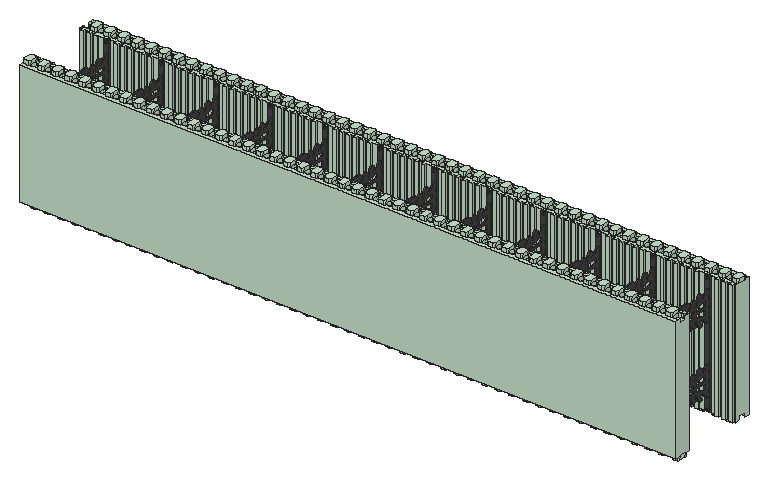
Revit family (continued)
Definition of nested family "NUDURA Logo Diamond"
  Lines and regions (mm)
    model lines
      curve 209: arc (300.341, 0, 201.381) -> (300.817, 0, 202.372) -> (301.888, 0, 202.62) r 1.27
      curve 210: arc (307.868, 0, 175.363) -> (306.969, 0, 175.735) -> (306.598, 0, 176.633) r 1.27
      curve 211: arc (308.892, 0, 175.363) -> (309.79, 0, 175.735) -> (310.162, 0, 176.633) r 1.27
      curve 212: arc (304.058, 0, 177.654) -> (303.686, 0, 176.756) -> (302.788, 0, 176.384) r 1.27
      curve 213: arc (302.342, 0, 169.594) -> (303.976, 0, 170.198) -> (304.826, 0, 171.718) r 2.516
      curve 214: arc (304.826, 0, 171.718) -> (309.07, 0, 168.432) -> (312.702, 0, 172.383) r 3.966
      curve 215: arc (306.843, 0, 207.728) -> (310.942, 0, 209.02) -> (312.702, 0, 212.942) r 5.249
      curve 216: arc (300.341, 0, 217.291) -> (304.739, 0, 212.893) -> (309.138, 0, 217.291) r 4.398
      curve 217: arc (300.341, 0, 238.966) -> (300.898, 0, 237.378) -> (302.326, 0, 236.488) r 2.54
      curve 218: arc (300.341, 0, 241.6) -> (300.886, 0, 242.648) -> (302.057, 0, 242.802) r 1.279
      curve 219: arc (285.685, 0, 308.065) -> (288.475, 0, 314.8) -> (295.21, 0, 317.59) r 9.525
      curve 220: arc (314.26, 0, 317.59) -> (320.995, 0, 314.8) -> (323.785, 0, 308.065) r 9.525
      curve 221: arc (285.685, 0, 149.315) -> (288.475, 0, 142.58) -> (295.21, 0, 139.79) r 9.525
      curve 222: arc (314.26, 0, 139.79) -> (320.995, 0, 142.58) -> (323.785, 0, 149.315) r 9.525
      curve 223: line (253.935, 0, 457.2) -> (253.935, 0, 0)
      curve 224: line (355.535, 0, 457.2) -> (355.535, 0, 0)
      curve 225: line (406.335, 0, 457.2) -> (406.335, 0, 0)
